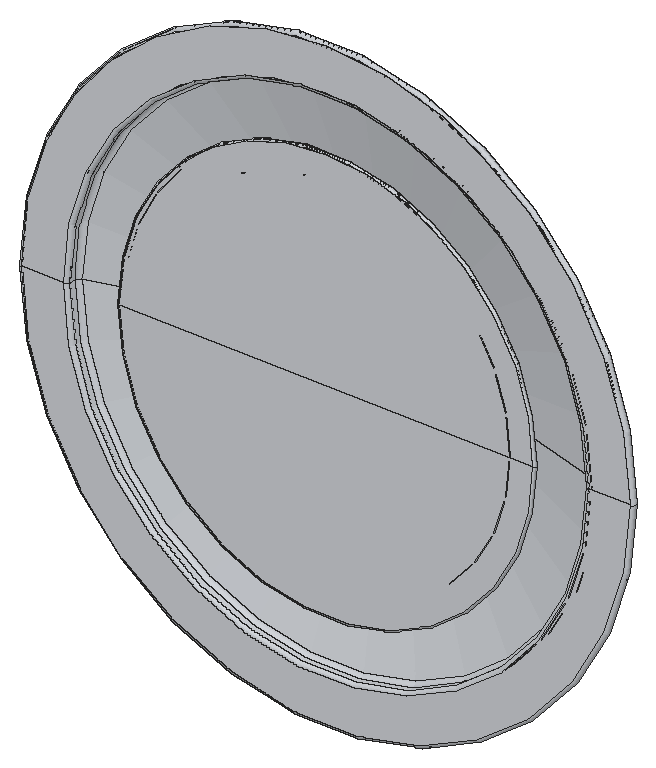
Revit family "04211_VFR", category Air Terminals, Revit 2012
Parameters (values of type "VFR")
  Visible_Texto = or(or(Diametro_Requerido < 6", Diametro_Requerido > 16"), not(Diametro_Requerido = (Var1 * 1")))  # no
  Var1 = roundup(Diametro_Requerido / 2") * 2  # 10
  URL = "https://www.innes.com.mx"
  Type Comments = "Tipo R de Menor Altura"
  Tipo de Cuello = "Redondo"
  Posicion de Instalación = "Techo"
  Nota1 = if(Diametro_Requerido < 6", "Cuello no disponible, mínimo 6 in", if(Diametro_Requerido > 16", "Cuello no disponible, máximo 16 in", if(Diametro_Requerido = (Var1 * 1"), ".", "Diámetro No Válido, Sólo incrementos de 2 in")))  # "."
  Model = "VFR"
  Material = "Aluminio"
  Manufacturer = "INNES"
  Incrementos de Cuello = "de 2\""
  Función = "Inyección/Extración"
  Diametro_Requerido = 10"
  Description = "Difusor Redondo tipo placa"
  Cuello Mín.-Máx. = "6\" a 16\""
  A_Conect = if(or((Var1 * 1") < 6", (Var1 * 1") = 6"), 2 31/32", if(or((Var1 * 1") > 16", (Var1 * 1") = 16"), 7 29/32", ((Var1 * 1") - 1" / 16) / 2))  # 4 31/32"
Reference planes (in)
  plane 1 "Center (Front/Back)": y = 0
  plane 2: z = 0
  plane 3 "Center (Left/Right)": x = 0
Nested families (in)
  nested 1: "Texto_VFR" at (12.53772, -45.294, 0), type "texto"
    with Visible_Texto no
  nested 2: "VFR" at (0, 0, 0), type "VFR"
    with Var1 10, A_Cuello 10", D_Altura 5 5/8", Radio 4 31/32", C_Abertura_Plafon 19 5/8", B_Plato 23", Cuello_Real 9 15/16", Tamanio 10"
Connectors (in)
  hvac at (0, 5.625, 0), driven by "A_Conect"
    settings: on nested 2, index 1, duct flow 0.0 L/s, flow factor 0, pres drop 0.0 Pa, loss coef 0, conn angle 0.00°, conn width 304.8 mm, conn height 304.8 mm, conn radius 126.206 mm, duct sys type 1, conn prof type 0, flow config 0, flow direction 0, loss method 0, conn ref index -1, conn util no, is conn primary yes, conn desc ""
Definition of nested family "VFR"
  Parameters (values of type "VFR-06-12")
    Var1 = roundup(Tamanio / 2") * 2  # 6
    A_Cuello = if(or((Var1 * 1") < 6", (Var1 * 1") = 6"), 6", if((Var1 * 1") = 8", 8", if((Var1 * 1") = 10", 10", if((Var1 * 1") = 12", 12", if((Var1 * 1") = 14", 14", if((Var1 * 1") = 16", 15 7/8", 15 7/8"))))))  # 6"
    D_Altura = if(or((Var1 * 1") < 6", (Var1 * 1") = 6"), 4", if((Var1 * 1") = 8", 4 3/4", if((Var1 * 1") = 10", 5 5/8", if((Var1 * 1") = 12", 6 1/8", if((Var1 * 1") = 14", 6 5/8", if((Var1 * 1") = 15 7/8", 6 1/4", 6 1/4"))))))  # 4"
    URL = "http://www.innes.com.mx/p/Product/Article/77"
    Radio = Cuello_Real / 2  # 2 31/32"
    Model = "VFR"
    Min Flow = 0.0 L/s
    Max Flow = 0.0 L/s
    Material = "Aluminio"
    Manufacturer = "INNES"
    Description = "Difusor Arquitectonico Redondo"
    Conexion = "Redondo"
    C_Abertura_Plafon = if(or((Var1 * 1") < 6", (Var1 * 1") = 6"), 11 5/8", if((Var1 * 1") = 8", 15 5/8", if((Var1 * 1") = 10", 19 5/8", if((Var1 * 1") = 12", 23 5/8", if(or((Var1 * 1") = 14", (Var1 * 1") = 15 7/8"), 27 5/8", 27 5/8")))))  # 11 5/8"
    B_Plato = if(or((Var1 * 1") < 6", (Var1 * 1") = 6"), 14", if((Var1 * 1") = 8", 18", if((Var1 * 1") = 10", 23", if((Var1 * 1") = 12", 27", if(or((Var1 * 1") = 14", (Var1 * 1") = 15 7/8"), 32", 32")))))  # 14"
    Cuello_Real = A_Cuello - 1" / 16  # 5 15/16"
    Tamanio = 6"
  Types (6): name | Var1 | A_Cuello | D_Altura | Radio | C_Abertura_Plafon | B_Plato | Cuello_Real | Tamanio
    VFR-06-12 | 6 | 6" | 4" | 2 31/32" | 11 5/8" | 14" | 5 15/16" | 6"
    VFR-08-16 | 8 | 8" | 4 3/4" | 3 31/32" | 15 5/8" | 18" | 7 15/16" | 8"
    VFR-10-20 | 10 | 10" | 5 5/8" | 4 31/32" | 19 5/8" | 23" | 9 15/16" | 10"
    VFR-12-24 | 12 | 12" | 6 1/8" | 5 31/32" | 23 5/8" | 27" | 11 15/16" | 12"
    VFR-14-28 | 14 | 14" | 6 5/8" | 6 31/32" | 27 5/8" | 32" | 13 15/16" | 14"
    VFR-16-28 | 16 | 15 7/8" | 6 1/4" | 7 29/32" | 27 5/8" | 32" | 15 13/16" | 16"
  Reference planes (in)
    plane 1 "Center (Front/Back)": y = 0
    plane 2: z = 0
    plane 3 "Center (Left/Right)": x = 0
    plane 4: x = -2.96875
    plane 5: x = 2.96875
    plane 6: y = 4
    plane 7: x = -7
    plane 8: x = 7
    plane 9: y = 2
    plane 10: y = 0.5
    plane 11: x = 5.8125
    plane 12: x = -5.8125
    plane 13: x = -1.71875
    plane 14: x = 1.71875
    plane 15: x = -3.8125
    plane 16: x = 3.8125
    plane 17: x = -2.8125
    plane 18: x = 2.8125
    plane 19: y = 1.75
    plane 20: y = 1.26671
  Forms (in)
    Revolve 1, solid
      sketch origin (0, 0, 0) x (1, 0, 0) y (0, 1, 0)
        loop
          line (2.96875, 4) -> (2.84375, 4) -> (2.84375, 2.03405)
          arc (2.84375, 2.03405) -> (2.88712, 1.90931) -> (2.99853, 1.83838) r 0.20107
          line (2.99853, 1.83838) -> (5.54703, 0.53323)
          arc (5.54703, 0.53323) -> (5.64814, 0.46886) -> (5.6875, 0.35565) r 0.18248
          line (5.6875, 0.35565) -> (5.6875, 0.13005)
          arc (5.6875, 0.13005) -> (5.72559, 0.03809) -> (5.81755, 0) r 0.13005
          line (5.81755, 0) -> (6.89287, 0)
          arc (6.89287, 0) -> (6.99948, 0.12634) -> (6.85701, 0.21018) r 0.10815
          line (6.85701, 0.21018) -> (6.87684, 0.1729)
          arc (6.87684, 0.1729) -> (6.95909, 0.11622) -> (6.89287, 0.04143) r 0.06671
          line (6.89287, 0.04143) -> (5.98246, 0.04143)
          arc (5.98246, 0.04143) -> (5.86228, 0.09121) -> (5.8125, 0.21139) r 0.16996
          line (5.8125, 0.21139) -> (5.8125, 0.48277)
          arc (5.8125, 0.48277) -> (5.77372, 0.59432) -> (5.67409, 0.65774) r 0.1798
          line (5.67409, 0.65774) -> (3.09537, 1.97005)
          arc (3.09537, 1.97005) -> (3.00423, 2.02807) -> (2.96875, 2.13012) r 0.16449
          line (2.96875, 2.13012) -> (2.96875, 4)
        loop
          line (1.71875, 1.75) -> (0.59515, 1.75) -> (0.59515, 1.44889) -> (0, 1.44889) -> (0, 0.0013) -> (3.74974, 0.0013)
          arc (3.74974, 0.0013) -> (3.81114, 0.06805) -> (3.74612, 0.13128) r 0.06504
          line (3.74612, 0.13128) -> (3.61678, 0.09663) -> (3.61678, 0.06357) -> (3.74783, 0.09868)
          arc (3.74783, 0.09868) -> (3.78047, 0.06604) -> (3.74783, 0.0334) r 0.03264
          line (3.74783, 0.0334) -> (2.89595, 0.0334)
          arc (2.89595, 0.0334) -> (2.83694, 0.05784) -> (2.8125, 0.11686) r 0.08345
          line (2.8125, 0.11686) -> (2.8125, 0.43069) -> (1.71875, 1.26671) -> (1.71875, 1.75)
        loop
          line (0, 4.30633) -> (0, 1.47817) -> (0.34531, 1.47817) -> (0.34531, 1.5139) -> (0.57761, 1.5139) -> (0.57761, 1.75) -> (0.45261, 1.75) -> (0.45261, 1.53866) -> (0.25, 1.53866) -> (0.25, 3.69244) -> (0.57761, 3.69244) -> (0.57761, 4) -> (0.45261, 4) -> (0.45261, 3.75) -> (0.25, 3.75) -> (0.25, 4.30633) -> (0, 4.30633)
        axis (0, 0) -> (0, 4.30633)
      angle from 0 to 360
    Extrusion 2, solid
      sketch origin (0, 0, 0) x (1, 0, 0) y (0, 1, 0)
        loop
          line (-1.71875, 2) -> (-1.71875, 1.75) -> (1.71875, 1.75) -> (1.71875, 2) -> (-1.71875, 2)
      from -0.58066 to 0.53397
  Dimensions and locks (in)
    "D_Altura": plane 1 "Center (Front/Back)" to plane 6
    equal spacing: plane 4, plane 3 "Center (Left/Right)", plane 5
    "Cuello_Real": plane 4 to plane 5
    equal spacing: plane 7, plane 3 "Center (Left/Right)", plane 8
    "B_Plato": plane 7 to plane 8
    equal spacing: plane 12, plane 3 "Center (Left/Right)", plane 11
    "C_Abertura_Plafon": plane 12 to plane 11
    equal spacing: plane 13, plane 3 "Center (Left/Right)", plane 14
    plane 14 to plane 5 = 1 1/4"
    equal spacing: plane 15, plane 3 "Center (Left/Right)", plane 16
    locked: plane 12 to plane 15 at 2
    equal spacing: plane 17, plane 3 "Center (Left/Right)", plane 18
    plane 19 to plane 20 = 0.48329"
    locked: plane 18 to plane 16 at 1
    aligned and locked: plane 2 to level
    aligned and locked: plane 3 "Center (Left/Right)" to Revolve 1 sketch curve
    aligned and locked: Revolve 1 sketch curve to plane 5
    aligned and locked: Revolve 1 sketch curve to plane 14
    aligned and locked: plane 20 to Revolve 1 sketch curve
    aligned and locked: Revolve 1 sketch curve to plane 18
    aligned and locked: plane 13 to Extrusion 2 sketch curve
    aligned and locked: Extrusion 2 sketch curve to plane 14
  Automatic sketch dimensions
    Revolve 1 sketch curve to plane 3 "Center (Left/Right)" = 0"  (x2)
    Revolve 1 sketch curve to plane 6 = 0"  (x3)
    Revolve 1 sketch curve to plane 19 = 0"  (x2)
    Revolve 1 sketch curve to plane 11 = 0"
    Revolve 1 sketch curve to plane 1 "Center (Front/Back)" = 0.0013"
    plane 1 "Center (Front/Back)" to Revolve 1 sketch curve = 0"  (x2)
    plane 3 "Center (Left/Right)" to Revolve 1 sketch curve = 1/4"  (x2)
    Revolve 1 sketch curve to Revolve 1 sketch curve = 0.09531"
    Revolve 1 sketch curve to Revolve 1 sketch curve = 0.1073"
    Revolve 1 sketch curve to Revolve 1 sketch curve = 0.20261"
    Revolve 1 sketch curve to Revolve 1 sketch curve = 1/8"  (x3)
    Revolve 1 sketch curve to Revolve 1 sketch curve = 0.01754"
    plane 5 to Revolve 1 sketch curve = 0.02978"
    plane 9 to Revolve 1 sketch curve = 0.03405"
    plane 5 to Revolve 1 sketch curve = 0.07607"
    Revolve 1 sketch curve to plane 9 = 0.02995"
    Revolve 1 sketch curve to Revolve 1 sketch curve = 0.05055"
    plane 9 to Revolve 1 sketch curve = 0.13012"
    Revolve 1 sketch curve to plane 1 "Center (Front/Back)" = 0.0334"
    plane 18 to Revolve 1 sketch curve = 0.08345"
    Revolve 1 sketch curve to plane 1 "Center (Front/Back)" = 0.06357"
    Revolve 1 sketch curve to plane 16 = 0.19572"
    Revolve 1 sketch curve to plane 16 = 0.06638"
    Revolve 1 sketch curve to Revolve 1 sketch curve = 0.00171"
    Revolve 1 sketch curve to Revolve 1 sketch curve = 0.00191"
    Revolve 1 sketch curve to plane 11 = 0.30748"
    plane 10 to Revolve 1 sketch curve = 0.03323"
    Revolve 1 sketch curve to Revolve 1 sketch curve = 0.04201"
    Revolve 1 sketch curve to plane 10 = 0.01723"
    Revolve 1 sketch curve to Revolve 1 sketch curve = 0.08568"
    Revolve 1 sketch curve to plane 11 = 0.13841"
    Revolve 1 sketch curve to plane 11 = 1/8"
    plane 11 to Revolve 1 sketch curve = 0.00505"
    Revolve 1 sketch curve to plane 1 "Center (Front/Back)" = 0.04143"
    plane 11 to Revolve 1 sketch curve = 0.16996"
    Revolve 1 sketch curve to plane 8 = 0.14299"
    Revolve 1 sketch curve to Revolve 1 sketch curve = 0.01983"
    Revolve 1 sketch curve to plane 8 = 0.10713"
    Revolve 1 sketch curve to Revolve 1 sketch curve = 0"  (x2)
    Revolve 1 sketch curve to Revolve 1 sketch curve = 0.03264"
    Revolve 1 sketch curve to Revolve 1 sketch curve = 0.0002"
    Revolve 1 sketch curve to Revolve 1 sketch curve = 0.03306"
    Revolve 1 sketch curve to Revolve 1 sketch curve = 0.06671"
    Revolve 1 sketch curve to plane 10 = 0.06931"
    plane 20 to Revolve 1 sketch curve = 0.18218"
    Revolve 1 sketch curve to Revolve 1 sketch curve = 0.02928"
    Revolve 1 sketch curve to Revolve 1 sketch curve = 0.03573"
    Revolve 1 sketch curve to Revolve 1 sketch curve = 0.02476"
    Revolve 1 sketch curve to plane 6 = 0.30756"
    Revolve 1 sketch curve to Revolve 1 sketch curve = 0.05756"
    plane 6 to Revolve 1 sketch curve = 0.30633"
    Extrusion 2 sketch curve to plane 19 = 0"
    plane 9 to Extrusion 2 sketch curve = 0"
Definition of nested family "Texto_VFR"
  Parameters (values of type "texto")
    texto = "Medida supera el maximo de 16"
    Visible_Texto = yes
    Color = rojo
  Reference planes (in)
    plane 1 "Center (Front/Back)": y = 0
    plane 2: z = 0
    plane 3 "Center (Left/Right)": x = 0
